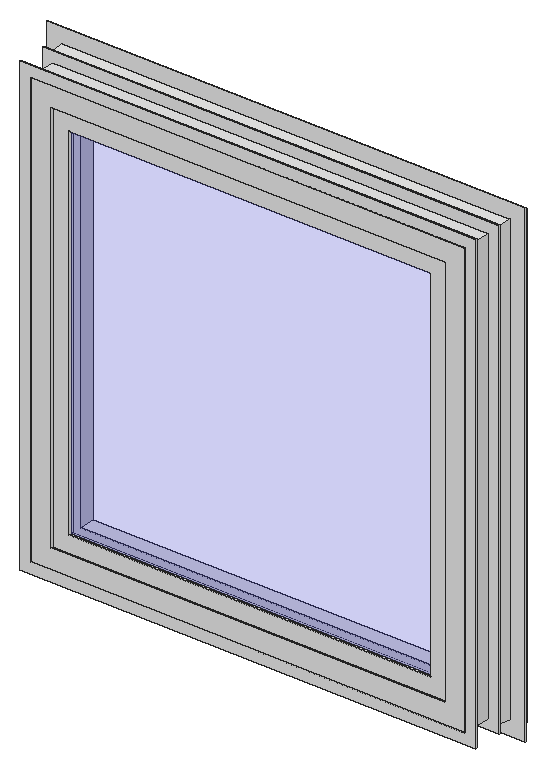
Revit family "Window-Awning-All_Weather-Series_6000", category Windows, host Wall, Revit 2026
Family settings
  Host = Wall
  Classification Number = 23.30.20.00
  Always vertical = Yes
  Cut with Voids When Loaded = No
  Shared = No
  Room Calculation Point = No
Parameters (values of type "Panning Frame Awning")
  Warranty = "https://www.allweatheraa.com/warranty/"
  Wall Thickness [instance] = 0' - 6"
  Vertical Mullions = if(Lites Wide < 3, 2, Lites Wide - 1)  # 2
  Vertical Grille Spacing = ((Horizontal Grille Length - (Grille Size * Vertical Mullions)) / (Vertical Mullions + 1)) + 0' 2 1/2"  # 0' - 10.83333"
  Vertical Grille Offset = Vertical Grille Spacing - (Grille Size / 2)  # 0' - 9.58333"
  Vertical Grille Length = Height - 0' 1 3/8" * 2 - 0' 3 1/4"  # 2' - 6"
  URL = "https://www.allweatheraa.com/"
  Type Comments = if(Nail On Frame, "Standard Nail On Frame", "Panning Frame")  # "Panning Frame"
  Traditional Grille Vertical Single = and(Lites Wide = 2, Grille)  # no
  Traditional Grille Vertical Array = and(Lites Wide > 2, Grille)  # no
  Traditional Grille Horizontal Single = and(Lites High = 2, Grille)  # no
  Traditional Grille Horizontal Array = and(Lites High > 2, Grille)  # no
  Thickness = if(Panning Frame, 0' 4 127/128", 0' 3 7/16")  # 0' - 4 127/128"
  Specification = "https://28a25771709x0a343azkftap-wpengine.netdna-ssl.com/wp-content/uploads/dlm_uploads/2017/04/All-Weather-Series-6000-3-Part-Spec..pdf"
  Rough Width = Width + 0' 0 3/4"  # 3' - 0 3/4"
  Rough Height = Height + 0' 0 3/4"  # 3' - 0 3/4"
  Requested Width = 3' - 0"
  Requested Height = 3' - 0"
  Product Page URL = "https://www.allweatheraa.com/windows/series-6000-windows/"
  Product Name = "Series 6000"  # constant formula
  Product Documentation Link = "https://28a25771709x0a343azkftap-wpengine.netdna-ssl.com/wp-content/uploads/dlm_uploads/2016/11/Series-6000-Brochure-Crop-Marks.pdf"
  Panning Frame = yes
  Operation = "Vent"
  Offset = 0' - 0"
  Nail On Frame = not(Panning Frame)  # no
  Nail Fin Offset = 0' - 1"  # constant formula
  Model = "Awning"  # constant formula
  Min Width = 1' - 2"  # constant formula
  Min Height = 1' - 2"  # constant formula
  Max Width = 6' - 0"  # constant formula
  Max Height = 3' - 0"  # constant formula
  Manufacturer = "All Weather Architectural Aluminum"  # constant formula
  Lites Wide = 2
  Lites High = 2
  Jamb Extensions Calc [instance] = if(Offset > 0' 0", Wall Thickness - (0' 3 7/16" - Nail Fin Offset) + Offset, Wall Thickness - (0' 3 7/16" - Nail Fin Offset) - Inset)  # 0' - 3 9/16"
  Jamb Extensions = no
  Jamb Extension Depth [instance] = if(Jamb Extensions Calc > 0' 0 1/8", Jamb Extensions Calc, 0' 0 1/8")  # 0' - 3 9/16"
  Jamb Ext Finish = Metal-Aluminum-All_Weather-Standard-White
  Inset = 0' - 0"
  Horizontal Mullions = if(Lites High < 3, 2, Lites High - 1)  # 2
  Horizontal Grille Spacing = ((Vertical Grille Length - (Grille Size * Horizontal Mullions)) / (Horizontal Mullions + 1)) + 0' 2 1/2"  # 0' - 10.83333"
  Horizontal Grille Offset = Horizontal Grille Spacing - (Grille Size / 2)  # 0' - 9.58333"
  Horizontal Grille Length = Width - 0' 1 3/8" * 2 - 0' 3 1/4"  # 2' - 6"
  Height = if(Requested Height > Max Height, Max Height, if(Requested Height < Min Height, Min Height, Requested Height))  # 3' - 0"
  Grille Size = 0' - 2 1/2"  # constant formula
  Grille = no
  Glass Thickness = 0' - 1"  # constant formula
  Glass = Glass-All_Weather-OA-Insulated_Glass
  Finish = Metal-Aluminum-All_Weather-Standard-White
  Description = "2 1/2 in Thermal Break Aluminum Windows"  # constant formula
  Default Sill Height = 3' - 0"
  Wall Closure = By host
  Width = if(Requested Width > Max Width, Max Width, if(Requested Width < Min Width, Min Width, Requested Width))  # 3' - 0"
  Assembly Code = "B2020100"
  Analytic Construction = "<None>"
Reference planes (in)
  plane 1 "Center (Front/Back)": y = 0
  plane 2: z = 0
  plane 3 "Center (Left/Right)": x = 0
  plane 4 "Left": x = -18
  plane 5 "Right": x = 18
  plane 6 "Sill": z = 36
  plane 7 "Top": z = 72
  plane 8 "Inset": y = 3
  plane 9 "Nail Fin": y = 3
  plane 10 "Front": y = 5.55469
  plane 11 "Back": y = 0.5625
  plane 12 "Jamb Ext": y = 0.5625
  plane 13 "Glass Front": y = 1.97592
  plane 14 "Glass Back": y = 0.97592
  plane 15 "Glass Left": x = -15.5625
  plane 16 "Inside Left": x = -15.01953
  plane 17 "Glass Right": x = 15.5625
  plane 18 "Inside Right": x = 15.01953
  plane 19 "Glass Bottom": z = 38.4375
  plane 20 "Inside Bottom": z = 39
  plane 21 "Glass Top": z = 69.5625
  plane 22 "Inside Top": z = 69
  plane 23 "Center (Elevation)": z = 54
  plane 24: y = 3.16273
Forms (in)
  Sweep 1, solid, material "Metal-Aluminum-All_Weather-Standard-White" <- "Jamb Ext Finish", visible <- "Jamb Extensions"
    path origin (0, 0.5625, 0) x (-1, 0, 0) y (0, 0, 1)
      loop
        line (-18, 36) -> (18, 36) -> (18, 72) -> (-18, 72) -> (-18, 36)
    profile origin (0, 0.5625, 36) x (0, 0, 1) y (0, 1, 0)
      loop
        line (0, 0) -> (0, -3.5625) -> (0.625, -3.5625) -> (0.625, 0) -> (0, 0)
  Extrusion 2, solid, material "Glass-All_Weather-OA-Insulated_Glass" <- "Glass"
    sketch origin (0, 0, 36) x (0, -1, 0) y (1, 0, 0)
      loop
        line (-0.97592, -15.5625) -> (-0.97592, 15.5625) -> (-1.97592, 15.5625) -> (-1.97592, -15.5625) -> (-0.97592, -15.5625)
    from 2.4375 to 33.5625
  Sweep 3, solid, material "Metal-Aluminum-All_Weather-Standard-White" <- "Finish", detail levels medium+fine
    path origin (0, 1.97592, 0) x (-1, 0, 0) y (0, 0, 1)
      loop
        line (18, 36) -> (18, 72) -> (-18, 72) -> (-18, 36) -> (18, 36)
    profile origin (0, 1.97592, 36) x (0, 0, -1) y (0, 1, 0)
      loop
        line (0, 1.08558) -> (-0.50256, 1.08558) -> (-0.50256, 1.30824) -> (-3, 1.30824) -> (-3, 0) -> (-2.12756, 0) -> (-2.12756, -1.06426) -> (-3, -1.06426) -> (-3, -1.19176) -> (-1.62109, -1.19176) -> (-1.62109, -1.41342) -> (0, -1.41342) -> (0, 1.08558)
  Extrusion 4, solid, material "Metal-Aluminum-All_Weather-Standard-White" <- "Finish", detail levels coarse
    sketch origin (0, 3, 0) x (-1, 0, 0) y (0, 0, 1)
      loop
        line (-19.125, 73.125) -> (-19.125, 34.875) -> (19.125, 34.875) -> (19.125, 73.125) -> (-19.125, 73.125)
      loop
        line (-15.01953, 69) -> (-15.01953, 39) -> (15.01953, 39) -> (15.01953, 69) -> (-15.01953, 69)
    from -2.4375 to 2.55469
  Sweep 5, solid, material "Metal-Aluminum-All_Weather-Standard-White" <- "Finish", visible <- "Nail On Frame", detail levels fine
    path origin (0, 1.97592, 0) x (-1, 0, 0) y (0, 0, 1)
      loop
        line (18, 36) -> (18, 72) -> (-18, 72) -> (-18, 36) -> (18, 36)
    profile origin (0, 1.97592, 36) x (0, 0, -1) y (0, 1, 0)
      loop
        line (0.23988, 1.08558) -> (0.23988, 2.02329) -> (-0.07262, 2.02329) -> (-0.16012, 1.02308) -> (1.125, 1.02308) -> (1.125, 1.08558) -> (0.23988, 1.08558)
  Sweep 6, solid, material "Metal-Aluminum-All_Weather-Standard-White" <- "Finish", visible <- "Panning Frame", detail levels fine
    path origin (0, 1.97592, 0) x (-1, 0, 0) y (0, 0, 1)
      loop
        line (18, 36) -> (18, 72) -> (-18, 72) -> (-18, 36) -> (18, 36)
    profile origin (0, 1.97592, 36) x (0, 0, -1) y (0, 1, 0)
      loop
        line (0.58285, 3.58051) -> (0.3642, 1.08142) -> (-0.09265, 1.08142) -> (-0.09265, 0.95301) -> (0.87244, 0.95301) -> (0.87244, 1.08051) -> (0.44436, 1.08051) -> (0.57017, 2.51851) -> (1.81985, 2.51851) -> (1.81985, 2.58051) -> (0.57559, 2.58051) -> (0.65766, 3.51851) -> (1.06985, 3.51851) -> (1.06985, 3.58051) -> (0.58285, 3.58051)
      loop
        line (0.87244, -1.41858) -> (0.87244, -1.29024) -> (0, -1.29024) -> (0, -1.41858) -> (0.87244, -1.41858)
Lines and regions (in)
  Opening 1
    outline origin (-60, -3, 0) x (1, 0, 0) y (0, 0, 1)
      loop
        line (42, 72) -> (42, 36) -> (78, 36) -> (78, 72) -> (42, 72)
  Masking region 1, visible <- "Jamb Extensions"
    outline origin (0, 0, 36) x (0, -1, 0) y (1, 0, 0)
      loop
        line (-0.5625, -18) -> (3, -18) -> (3, -17.375) -> (-0.5625, -17.375) -> (-0.5625, -18)
      loop
        line (-0.5625, 18) -> (-0.5625, 17.375) -> (3, 17.375) -> (3, 18) -> (-0.5625, 18)
  Masking region 2, visible <- "Jamb Extensions"
    outline origin (0, 0, 0) x (0, 1, 0) y (0, 0, 1)
      loop
        line (-3, 72) -> (-3, 71.375) -> (0.5625, 71.375) -> (0.5625, 72) -> (-3, 72)
      loop
        line (-3, 36) -> (0.5625, 36) -> (0.5625, 36.625) -> (-3, 36.625) -> (-3, 36)
  Masking region 3, detail levels coarse
    outline origin (0, 0, 36) x (0, -1, 0) y (1, 0, 0)
      loop
        line (-0.97592, -15) -> (-0.97592, 15) -> (-1.97592, 15) -> (-1.97592, -15) -> (-0.97592, -15)
  Masking region 4, detail levels medium+fine
    outline origin (0, 0, 36) x (0, -1, 0) y (1, 0, 0)
      loop
        line (-1.97492, -15.5625) -> (-1.79608, -15.5625) -> (-1.79608, 15.5625) -> (-1.97492, 15.5625) -> (-1.97492, -15.5625)
      loop
        line (-1.15376, -15.5625) -> (-0.97492, -15.5625) -> (-0.97492, 15.5625) -> (-1.15376, 15.5625) -> (-1.15376, -15.5625)
  Masking region 5, detail levels coarse
    outline origin (0, 0, 0) x (0, 1, 0) y (0, 0, 1)
      loop
        line (1.97592, 69) -> (0.97592, 69) -> (0.97592, 39) -> (1.97592, 39) -> (1.97592, 69)
  Masking region 6, detail levels medium+fine
    outline origin (0, 0, 0) x (0, 1, 0) y (0, 0, 1)
      loop
        line (1.97416, 69.5625) -> (1.79532, 69.5625) -> (1.79532, 38.4375) -> (1.97416, 38.4375) -> (1.97416, 69.5625)
      loop
        line (1.153, 69.5625) -> (0.97416, 69.5625) -> (0.97416, 38.4375) -> (1.153, 38.4375) -> (1.153, 69.5625)
  symbolic lines, style "Elevation Swing"
    curve 1: line (18, 3, 36) -> (0, 3, 72)
    curve 2: line (0, 3, 72) -> (-18, 3, 36)
Text (in)
  text "EXTERIOR" at (-58.6888, 50.90694, 0), in view "Ref. Level"
  text "INTERIOR" at (-58.6888, -37.76638, 0), in view "Ref. Level"
  text "Exterior" at (0, 43.65631, 123.19604), in view "Left"
  text "Exterior" at (0, 18.29385, 125.04747), in view "Right"
Dimensions and locks (in)
  equal spacing: plane 4 "Left", plane 3 "Center (Left/Right)", plane 5 "Right"
  "Width": plane 4 "Left" to plane 5 "Right"
  "Height": plane 6 "Sill" to plane 7 "Top"
  "Default Sill Height": plane 2 to plane 6 "Sill"
  "Thickness": plane 10 "Front" to plane 11 "Back"
  "Inset": host wall to plane 8 "Inset"
  "Offset": plane 9 "Nail Fin" to plane 8 "Inset"
  "Wall Thickness": host wall to host wall
  locked: plane 4 "Left" to plane 16 "Inside Left" at 2.98047
  locked: plane 18 "Inside Right" to plane 5 "Right" at 2.98047
  plane 6 "Sill" to plane 19 "Glass Bottom" to plane 20 "Inside Bottom" = 0' - 2 7/16" locked, 0' - 0 9/16" locked
  plane 22 "Inside Top" to plane 21 "Glass Top" to plane 7 "Top" = 0' - 0 9/16" locked, 0' - 2 7/16" locked
  equal spacing: plane 6 "Sill", plane 23 "Center (Elevation)", plane 7 "Top"
  "Jamb Extension Depth": host wall to plane 12 "Jamb Ext"
  locked: plane 4 "Left" to Masking region 1 sketch curve at 0.625
  locked: Masking region 1 sketch curve to plane 5 "Right" at 0.625
  locked: Masking region 2 sketch curve to plane 7 "Top" at 0.625
  locked: plane 6 "Sill" to Masking region 2 sketch curve at 0.625
  locked: plane 6 "Sill" to Sweep 1 sketch curve at 0.625
  "Glass Thickness": plane 13 "Glass Front" to plane 14 "Glass Back"
  locked: plane 15 "Glass Left" to plane 16 "Inside Left" at 0.54297
  locked: plane 18 "Inside Right" to plane 17 "Glass Right" at 0.54297
  Masking region 4 sketch curve to plane 14 "Glass Back" to Masking region 4 sketch curve = 0' - 0.17784" locked, 0' - 0.001" locked
  plane 13 "Glass Front" to Masking region 4 sketch curve to Masking region 4 sketch curve = 0' - 0.001" locked, 0' - 0.17884" locked
  plane 13 "Glass Front" to Masking region 6 sketch curve to Masking region 6 sketch curve = 0' - 0.00176" locked, 0' - 0.17884" locked
  Masking region 6 sketch curve to plane 14 "Glass Back" to Masking region 6 sketch curve = 0' - 0.17708" locked, 0' - 0.00176" locked
  "Horizontal Grille Offset": plane 20 "Inside Bottom" to nested 4
  group 1 to group 2 = 0' - 0"
  group 2 to group 1 = 0' - 0"
  group 1 to group 2 = 0' - 10.83333"
  "Horizontal Grille Spacing": nested 4 to nested 6
  group 3 to group 4 = 0' - 10.83333"
  group 3 to group 4 = 0' - 0"
  group 4 to group 3 = 0' - 0"
  "Vertical Grille Offset": nested 5 to plane 16 "Inside Left"
  "Vertical Grille Spacing": nested 5 to nested 7
  plane 9 "Nail Fin" to nested 7 to nested 1 to nested 5 = 0' - 0.28452" locked, 0' - 0" locked, 0' - 0" locked
  locked: plane 13 "Glass Front" to plane 9 "Nail Fin" at 1.02408
  plane 13 "Glass Front" to nested 3 to nested 9 = 0' - 3.57877", 0' - 0" locked
  locked: plane 5 "Right" to nested 9 at 1.125
  locked: nested 3 to plane 4 "Left" at 1.125
  locked: plane 6 "Sill" to nested 14 at 1.125
  locked: nested 13 to plane 7 "Top" at 1.125
  locked: Extrusion 4 sketch curve to plane 6 "Sill" at 1.125
  locked: Extrusion 4 sketch curve to plane 4 "Left" at 1.125
  locked: plane 7 "Top" to Extrusion 4 sketch curve at 1.125
  locked: plane 5 "Right" to Extrusion 4 sketch curve at 1.125
  Extrusion 4 to nested 7 = 0' - 0"
  nested 13 to plane 10 "Front" = 0' - 0"
  locked: nested 10 to plane 9 "Nail Fin" at 0.28572
  locked: nested 11 to plane 9 "Nail Fin" at 0.28572
  locked: nested 12 to plane 9 "Nail Fin" at 0.28572
  nested 14 to plane 10 "Front" = 0' - 0"
  Sweep 3 sketch curve to Sweep 3 sketch curve to Sweep 3 sketch curve to Sweep 3 sketch curve to Sweep 3 sketch curve = 0' - 1.30824" locked, 0' - 1.06426" locked, 0' - 0.1275" locked, 0' - 0.22166" locked
  Sweep 3 sketch curve to profile plane to Sweep 3 sketch curve to Sweep 3 sketch curve to Sweep 3 sketch curve to Sweep 3 sketch curve to Sweep 3 sketch curve = 0' - 0" locked, 0' - 0.50256" locked, 0' - 1.11853" locked, 0' - 0.50647" locked, 0' - 0.87244" locked, 0' - 0" locked
  Sweep 5 sketch curve to Sweep 5 sketch curve to Sweep 5 sketch curve = 0' - 0.93771" locked, 0' - 0 1/16" locked
  Sweep 5 sketch curve to Sweep 5 sketch curve to profile plane to Sweep 5 sketch curve = 0' - 0.88512" locked, 0' - 0.23988" locked, 0' - 0.07262" locked
  locked: Masking region 3 sketch curve to plane 18 "Inside Right" at 0.01953
  locked: plane 16 "Inside Left" to Masking region 3 sketch curve at 0.01953
  plane 10 "Front" to plane 9 "Nail Fin" = 0' - 2 71/128"
  plane 10 "Front" to plane 13 "Glass Front" = 0' - 3.57877"
  locked: nested 2 to plane 9 "Nail Fin" at 0.28452
  Sweep 6 sketch curve to profile plane to Sweep 6 sketch curve to Sweep 6 sketch curve to Sweep 6 sketch curve to Sweep 6 sketch curve to Sweep 6 sketch curve to Sweep 6 sketch curve to Sweep 6 sketch curve to Sweep 6 sketch curve to Sweep 6 sketch curve = 0' - 0.09265" locked, 0' - 0.3642" locked, 0' - 0.08016" locked, 0' - 0.12581" locked, 0' - 0.00542" locked, 0' - 0.00725" locked, 0' - 0.07481" locked, 0' - 0.21478" locked, 0' - 0.19741" locked, 0' - 0 3/4" locked
  Sweep 6 sketch curve to Sweep 6 sketch curve to Sweep 6 sketch curve to Sweep 6 sketch curve to Sweep 6 sketch curve to Sweep 6 sketch curve to Sweep 6 sketch curve to profile plane = 0' - 0.062" locked, 0' - 0.938" locked, 0' - 0.062" locked, 0' - 1.43709" locked, 0' - 0.00091" locked, 0' - 0.1275" locked, 0' - 0.95301" locked
  nested 2 to plane 14 "Glass Back" = 0' - 2 79/256"
  locked: plane 9 "Nail Fin" to plane 11 "Back" at 2.4375
  profile plane to Sweep 6 sketch curve to Sweep 6 sketch curve = 0' - 1.29024" locked, 0' - 0.12833" locked
  profile plane to Sweep 6 sketch curve to Sweep 6 sketch curve = 0' - 0" locked, 0' - 0.87244" locked
  aligned and locked: plane 7 "Top" to Opening 1 sketch curve
  aligned and locked: plane 6 "Sill" to Opening 1 sketch curve  (x2)
  aligned and locked: plane 5 "Right" to Opening 1 sketch curve
  aligned and locked: plane 4 "Left" to Opening 1 sketch curve
  aligned and locked: level to plane 2
  aligned and locked: Masking region 1 sketch curve to host wall
  aligned and locked: Masking region 1 sketch curve to plane 4 "Left"
  aligned and locked: Masking region 1 sketch curve to plane 12 "Jamb Ext"
  aligned and locked: host wall to Masking region 1 sketch curve
  aligned and locked: Masking region 1 sketch curve to plane 5 "Right"
  aligned and locked: plane 12 "Jamb Ext" to Masking region 1 sketch curve
  aligned and locked: plane 7 "Top" to Masking region 2 sketch curve
  aligned and locked: Masking region 2 sketch curve to host wall
  aligned and locked: Masking region 2 sketch curve to plane 12 "Jamb Ext"
  aligned and locked: plane 6 "Sill" to Masking region 2 sketch curve
  aligned and locked: host wall to Masking region 2 sketch curve
  aligned and locked: plane 12 "Jamb Ext" to Masking region 2 sketch curve
  aligned and locked: Sweep 1 sketch curve to plane 7 "Top"
  aligned and locked: plane 4 "Left" to Sweep 1 sketch curve
  aligned and locked: Sweep 1 sketch curve to plane 5 "Right"
  aligned and locked: plane 6 "Sill" to Sweep 1 sketch curve  (x2)
  aligned and locked: host wall to Sweep 1 sketch curve
  aligned and locked: plane 12 "Jamb Ext" to Sweep 1 sketch curve
  aligned and locked: plane 17 "Glass Right" to Extrusion 2 sketch curve
  aligned and locked: Extrusion 2 sketch curve to plane 15 "Glass Left"
  aligned and locked: Extrusion 2 to plane 19 "Glass Bottom"
  aligned and locked: plane 21 "Glass Top" to Extrusion 2
  aligned and locked: Masking region 3 sketch curve to plane 14 "Glass Back"
  aligned and locked: plane 13 "Glass Front" to Masking region 3 sketch curve
  aligned and locked: plane 15 "Glass Left" to Masking region 4 sketch curve  (x2)
  aligned and locked: Masking region 4 sketch curve to plane 17 "Glass Right"  (x2)
  aligned and locked: Masking region 5 sketch curve to plane 14 "Glass Back"
  aligned and locked: plane 13 "Glass Front" to Masking region 5 sketch curve
  aligned and locked: Masking region 6 sketch curve to plane 19 "Glass Bottom"  (x2)
  aligned and locked: plane 21 "Glass Top" to Masking region 6 sketch curve  (x2)
  aligned and locked: plane 17 "Glass Right" to Extrusion 2
  aligned and locked: plane 23 "Center (Elevation)" to nested 1
  aligned and locked: Sweep 3 sketch curve to plane 7 "Top"
  aligned and locked: Sweep 3 sketch curve to plane 5 "Right"
  aligned and locked: Sweep 3 sketch curve to plane 6 "Sill"
  aligned and locked: plane 4 "Left" to Sweep 3 sketch curve
  aligned and locked: plane 3 "Center (Left/Right)" to nested 2
  aligned and locked: nested 8 to nested 1  (x2)
  aligned and locked: nested 10 to nested 6  (x2)
  aligned and locked: nested 12 to nested 4  (x2)
  aligned and locked: plane 10 "Front" to Extrusion 4
  aligned and locked: Extrusion 4 sketch curve to plane 18 "Inside Right"
  aligned and locked: Extrusion 4 sketch curve to plane 22 "Inside Top"
  aligned and locked: plane 16 "Inside Left" to Extrusion 4 sketch curve
  aligned and locked: plane 20 "Inside Bottom" to Extrusion 4 sketch curve
  aligned and locked: Extrusion 4 to plane 11 "Back"
  aligned and locked: nested 7 to plane 23 "Center (Elevation)"
  aligned and locked: nested 5 to plane 23 "Center (Elevation)"
  aligned and locked: nested 2 to plane 23 "Center (Elevation)"
  aligned and locked: nested 11 to nested 2
  aligned and locked: plane 13 "Glass Front" to Extrusion 2 sketch curve
  aligned and locked: Extrusion 2 sketch curve to plane 14 "Glass Back"
  aligned and locked: Masking region 5 sketch curve to plane 22 "Inside Top"
  aligned and locked: plane 20 "Inside Bottom" to Masking region 5 sketch curve
  aligned and locked: plane 6 "Sill" to curve 2
  aligned and locked: plane 4 "Left" to curve 2
  aligned and locked: plane 5 "Right" to curve 1
  aligned and locked: plane 6 "Sill" to curve 1
  aligned and locked: plane 3 "Center (Left/Right)" to curve 1
  aligned and locked: plane 7 "Top" to curve 1
  aligned and locked: Sweep 5 sketch curve to plane 5 "Right"
  aligned and locked: Sweep 5 sketch curve to plane 7 "Top"
  aligned and locked: plane 4 "Left" to Sweep 5 sketch curve
  aligned and locked: Sweep 5 sketch curve to plane 6 "Sill"
  aligned and locked: plane 4 "Left" to Sweep 6 sketch curve
  aligned and locked: Sweep 6 sketch curve to plane 7 "Top"
  aligned and locked: Sweep 6 sketch curve to plane 5 "Right"
  aligned and locked: Sweep 6 sketch curve to plane 6 "Sill"
  aligned and locked: plane 14 "Glass Back" to nested 5
  aligned and locked: nested 1 to plane 3 "Center (Left/Right)"
  aligned and locked: nested 9 to plane 11 "Back"
  aligned and locked: nested 14 to plane 11 "Back"
  aligned and locked: plane 11 "Back" to nested 13
Automatic sketch dimensions
  Sweep 3 sketch curve to plane 13 "Glass Front" = 0' - 0"
  Sweep 3 sketch curve to Sweep 3 sketch curve = 0' - 0 57/256"
  profile plane to Sweep 5 sketch curve = 0' - 1.02308"
  profile plane to Sweep 5 sketch curve = 0' - 0.16012"
Nested families (in)
  nested 1: "Nested-Mullion-All_Weather" at (0, 2.15952, 39), visible <- "Traditional Grille Vertical Single", type "Vertical Mullion"
  nested 2: "Nested-Mullion-All_Weather" at (0, 2.15952, 52.75), visible <- "Traditional Grille Horizontal Single", type "Horizontal Mullion"
  nested 3: "Detail-All_Weather-Series_6000-Awning" at (-17.5, 2.74219, 36) x (0, -1, 0) z (0, 0, 1), type "Awning"
    with Thickness 0' - 4 127/128", Panning yes, Nail on no, Height 0' - 4 105/128"
  nested 4: "Nested-Mullion-All_Weather" at (0, 2.16072, 47.33333), visible <- "Traditional Grille Horizontal Array", type "Horizontal Mullion"
  nested 5: "Nested-Mullion-All_Weather" at (-5.4362, 2.15952, 39), visible <- "Traditional Grille Vertical Array", type "Vertical Mullion"
  nested 6: "Nested-Mullion-All_Weather" at (0, 2.16072, 58.16667), visible <- "Traditional Grille Horizontal Array", type "Horizontal Mullion"
  nested 7: "Nested-Mullion-All_Weather" at (5.39714, 2.15952, 39), visible <- "Traditional Grille Vertical Array", type "Vertical Mullion"
  nested 8: "Detail-All_Weather-TDL-Series_6000" at (1.25, 2.776, 36) x (0, -1, 0) z (0, 0, -1), visible <- "Traditional Grille Vertical Single", type "Mullion"
    with Glass no
  nested 9: "Detail-All_Weather-Series_6000-Awning" at (17.5, 2.74219, 36) x (0, -1, 0) z (0, 0, 1), type "Awning"
    with Thickness 0' - 4 127/128", Panning yes, Nail on no, Height 0' - 4 105/128"
  nested 10: "Detail-All_Weather-TDL-Series_6000" at (0, 2.77721, 60.66667) x (0, -1, 0) z (1, 0, 0), visible <- "Traditional Grille Horizontal Array", type "Mullion"
    with Glass no
  nested 11: "Detail-All_Weather-TDL-Series_6000" at (0, 2.77721, 55.25) x (0, -1, 0) z (1, 0, 0), visible <- "Traditional Grille Horizontal Single", type "Mullion"
    with Glass no
  nested 12: "Detail-All_Weather-TDL-Series_6000" at (0, 2.77721, 49.83333) x (0, -1, 0) z (1, 0, 0), visible <- "Traditional Grille Horizontal Array", type "Mullion"
    with Glass no
  nested 13: "Detail-All_Weather-Series_6000-Awning" at (0, 2.74219, 71.5) x (0, -1, 0) z (1, 0, 0), type "Awning"
    with Thickness 0' - 4 127/128", Panning yes, Nail on no, Height 0' - 4 105/128"
  nested 14: "Detail-All_Weather-Series_6000-Awning" at (0, 2.74219, 36.5) x (0, -1, 0) z (1, 0, 0), type "Awning"
    with Thickness 0' - 4 127/128", Panning yes, Nail on no, Height 0' - 4 105/128"
  nested 15: "Detail-All_Weather-TDL-Series_6000" at (-4.1862, 2.776, 36.875) x (0, -1, 0) z (0, 0, -1), visible <- "Traditional Grille Vertical Array", type "Mullion"
    with Glass no
  nested 16: "Detail-All_Weather-TDL-Series_6000" at (6.64714, 2.776, 36.875) x (0, -1, 0) z (0, 0, -1), visible <- "Traditional Grille Vertical Array", type "Mullion"
    with Glass no
Definition of nested family "Nested-Mullion-All_Weather"
  Parameters (values of type "Horizontal Mullion")
    Width = 2' - 6"
    Vertical = no
    URL = "http://www.pella.com/"
    Type Comments = "Mullion"  # constant formula
    Model = "Mullion for All Weather Models"  # constant formula
    Manufacturer = "All Weather Architectural Aluminum "  # constant formula
    Horizontal = yes
    Height = 0' - 2 1/2"
    Glass Thickness = 0' - 1"  # constant formula
    Finish = none
    Description = "For use with All Weather Models Only"  # constant formula
    Depth = 0' - 2 1/2"  # constant formula
    Default Elevation = 4' - 0"
  Types (2): name | Width | Vertical | Horizontal | Height
    Horizontal Mullion | 2' - 6" | no | yes | 0' - 2 1/2"
    Vertical Mullion | 0' - 2 1/2" | yes | no | 2' - 6"
  Reference planes (in)
    plane 1 "Center (Front/Back)": y = 0
    plane 2 "Bottom": z = 0
    plane 3 "Center (Left/Right)": x = 0
    plane 4 "Left": x = -15
    plane 5 "Right": x = 15
    plane 6 "Front": y = -1.125
    plane 7 "Back": y = 1.375
    plane 8 "Top": z = 2.5
    plane 9 "Glass Back": y = 1.18359
    plane 10 "Glass Front": y = 0.18359
    plane 11 "Center (Elevation)": z = 1.25
  Forms (in)
    Extrusion 1, solid, material <- "Finish", visible <- "Vertical", detail levels medium+fine
      sketch origin (15.375, 0, 0) x (1, 0, 0) y (0, 1, 0)
        loop
          line (-15.0625, 0.18359) -> (-15.0625, 1.18359) -> (-14.125, 1.18359) -> (-14.125, 1.3757) -> (-16.625, 1.3757) -> (-16.625, 1.18359) -> (-15.6875, 1.18359) -> (-15.6875, 0.15461) -> (-16.625, 0.15461) -> (-16.625, -1.125) -> (-14.125, -1.125) -> (-14.125, 0.18359) -> (-15.0625, 0.18359)
      from 0 to 2.5
    Extrusion 2, solid, material <- "Finish", visible <- "Horizontal", detail levels medium+fine
      sketch origin (0, 0, 6.42023) x (0, 1, 0) y (0, 0, 1)
        loop
          line (0.18359, -4.85773) -> (0.18359, -3.92023) -> (-1.125, -3.92023) -> (-1.125, -6.42023) -> (0.18359, -6.42023) -> (0.18359, -5.48273) -> (1.18359, -5.48273) -> (1.18359, -6.42023) -> (1.3757, -6.42023) -> (1.3757, -3.92023) -> (1.18359, -3.92023) -> (1.18359, -4.85773) -> (0.18359, -4.85773)
      from -15 to 15
    Extrusion 3, solid, material <- "Finish", detail levels coarse
      sketch origin (0, 0, 0) x (1, 0, 0) y (0, 1, 0)
        loop
          line (-15, 1.3757) -> (-15, -1.125) -> (15, -1.125) -> (15, 1.3757) -> (-15, 1.3757)
      from 0 to 2.5
    Extrusion 4, solid, material <- "Finish", detail levels coarse
      sketch origin (0, 0, 0) x (0, 1, 0) y (0, 0, 1)
        loop
          line (-1.125, 2.5) -> (-1.125, 0) -> (1.375, 0) -> (1.375, 2.5) -> (-1.125, 2.5)
      from -15 to 15
  Dimensions and locks (in)
    equal spacing: plane 4 "Left", plane 3 "Center (Left/Right)", plane 5 "Right"
    "Width": plane 4 "Left" to plane 5 "Right"
    "Height": plane 8 "Top" to level
    "Glass Thickness": plane 10 "Glass Front" to plane 9 "Glass Back" to plane 7 "Back"
    "Depth": plane 7 "Back" to plane 6 "Front"
    equal spacing: plane 8 "Top", plane 11 "Center (Elevation)", level
    Extrusion 1 sketch curve to Extrusion 1 sketch curve to Extrusion 1 sketch curve to plane 3 "Center (Left/Right)" to Extrusion 1 sketch curve to Extrusion 1 sketch curve to Extrusion 1 sketch curve = 0' - 0" locked, 0' - 0 15/16" locked, 0' - 0 5/16" locked, 0' - 0 5/16" locked, 0' - 0 15/16" locked, 0' - 0" locked
    Extrusion 1 sketch curve to Extrusion 1 sketch curve to Extrusion 1 sketch curve to Extrusion 1 sketch curve to Extrusion 1 sketch curve = 0' - 1.27961" locked, 0' - 1.02898" locked, 0' - 0" locked, 0' - 0.19211" locked
    Extrusion 2 sketch curve to plane 7 "Back" to Extrusion 2 sketch curve to Extrusion 2 sketch curve to Extrusion 2 sketch curve to Extrusion 2 sketch curve to Extrusion 2 sketch curve = 0' - 0.0007" locked, 0' - 0 49/256" locked, 0' - 0" locked, 0' - 1" locked, 0' - 0" locked, 0' - 1 79/256" locked
    Extrusion 2 sketch curve to plane 11 "Center (Elevation)" to Extrusion 2 sketch curve = 0' - 0 5/16" locked, 0' - 0 5/16" locked
    aligned and locked: plane 2 "Bottom" to level
    aligned and locked: plane 8 "Top" to Extrusion 1
    aligned and locked: plane 4 "Left" to Extrusion 2
    aligned and locked: plane 5 "Right" to Extrusion 2
    aligned and locked: plane 8 "Top" to Extrusion 3
    aligned and locked: Extrusion 3 to level
    aligned and locked: plane 5 "Right" to Extrusion 4
    aligned and locked: plane 4 "Left" to Extrusion 4
    aligned and locked: plane 8 "Top" to Extrusion 4 sketch curve
    aligned and locked: Extrusion 4 sketch curve to level
    aligned and locked: Extrusion 4 sketch curve to plane 6 "Front"
    aligned and locked: plane 7 "Back" to Extrusion 4 sketch curve
    aligned and locked: level to Extrusion 2 sketch curve
    aligned and locked: Extrusion 2 sketch curve to level
    aligned and locked: plane 8 "Top" to Extrusion 2 sketch curve  (x2)
  Automatic sketch dimensions
    Extrusion 1 sketch curve to plane 6 "Front" = 0' - 0"
    plane 10 "Glass Front" to Extrusion 1 sketch curve = 0' - 0"
    Extrusion 3 sketch curve to plane 6 "Front" = 0' - 0"
    Extrusion 3 sketch curve to plane 4 "Left" = 0' - 0"
    Extrusion 3 sketch curve to plane 5 "Right" = 0' - 0"
    plane 7 "Back" to Extrusion 3 sketch curve = 0' - 0.0007"
Definition of nested family "Detail-All_Weather-Series_6000-Awning"
  Parameters (values of type "Awning")
    URL = "https://www.allweatheraa.com/"
    Type Comments = if(Panning, "Panning Frame", "Standard Nail On")  # "Standard Nail On"
    Thickness = if(Panning, 0' 4 127/128", 0' 3 7/16")  # 0' - 3 7/16"
    Specification = "https://www.allweatheraa.com/download/3645"
    Product Page URL = "https://www.allweatheraa.com/windows/series-6000-windows/"
    Product Name = "Series 6000"  # constant formula
    Product Documentation Link = "https://www.allweatheraa.com/download/3400"
    Panning = no
    Nail on = yes
    Model = "Awning"  # constant formula
    Manufacturer = "All Weather Architectural Aluminum"  # constant formula
    Height = if(Panning, 0' 4 105/128", 0' 4 1/8")  # 0' - 4 1/8"
    Glass Thickness = 0' - 1"  # constant formula
    Glass = no
    Description = "2 1/2 in Thermal Break Aluminum Windows"  # constant formula
    Assembly Code = "B2020100"
  Reference planes (in)
    plane 1 "Center (Front/Back)": y = -1.625
    plane 2: z = 0
    plane 3 "Center (Left/Right)": x = 0
    plane 4 "Glass Intersection": y = 1.8275
    plane 5 "Top": y = 2.5
    plane 6 "Front": x = -1.25781
    plane 7 "Back": x = 2.17969
    plane 8 "Glass Front": x = 0.77219
    plane 9 "Glass Back": x = 1.77219
    plane 10: x = -1.03516
    plane 11 "Nail Fin": x = -0.31516
    plane 12 "Bottom of Frame": y = -0.50134
    plane 13 "Bottom": y = -1.625
  Lines and regions (in)
    Masking region 1, in view "Ref. Level", visible <- "Glass", detail levels medium+fine
      outline origin (-0.2175, 0, 0) x (1, 0, 0) y (0, 1, 0)
        loop
          line (0.98969, 3) -> (0.98969, 1.9375) -> (1.16853, 1.9375) -> (1.16853, 3) -> (0.98969, 3)
        loop
          line (1.98969, 3) -> (1.81085, 3) -> (1.81085, 1.9375) -> (1.98969, 1.9375) -> (1.98969, 3)
    Filled region 1, type "Spacer - All Weather", in view "Ref. Level", detail levels fine
      outline origin (-0.2175, 0, 0) x (1, 0, 0) y (0, 1, 0)
        loop
          line (1.98969, 2.48256) -> (1.98969, 1.98256) -> (2.05219, 1.98256) -> (2.05219, 2.48256) -> (1.98969, 2.48256)
        loop
          line (0.81437, 2.15847) -> (0.98989, 2.15847) -> (0.98989, 2.66966) -> (0.71401, 2.66966) -> (0.71401, 2.5) -> (0.8046, 2.5) -> (0.8046, 2.4375) -> (0.7396, 2.4375) -> (0.81437, 2.15847)
    Masking region 2, in view "Ref. Level", detail levels fine
      outline origin (-0.2175, 0, 0) x (1, 0, 0) y (0, 1, 0)
        loop
          line (1.16853, 1.95572) -> (1.81253, 1.95572) -> (1.81253, 2.1811) -> (1.78047, 2.1811) -> (1.78047, 1.9861) -> (1.20058, 1.9861) -> (1.20058, 2.1811) -> (1.16853, 2.1811) -> (1.16853, 1.95572)
    Masking region 3, in view "Ref. Level", detail levels medium+fine
      outline origin (-0.2175, 0, 0) x (1, 0, 0) y (0, 1, 0)
        loop
          line (1.20058, 2.2971) -> (1.20058, 1.9861) -> (1.78047, 1.9861) -> (1.78047, 2.2971) -> (1.20058, 2.2971)
        loop
          line (1.76647, 2.2831) -> (1.21458, 2.2831) -> (1.21458, 2.0001) -> (1.76647, 2.0001) -> (1.76647, 2.2831)
    Masking region 4, in view "Ref. Level", visible <- "Nail on", detail levels coarse
      outline origin (-0.2175, 0, 0) x (1, 0, 0) y (0, 1, 0)
        loop
          line (-1.03537, 2.5) -> (-1.03537, -1.625) -> (-0.03516, -1.625) -> (-0.03516, -0.50134) -> (2.40234, -0.50134) -> (2.40234, 2.5) -> (-1.03537, 2.5)
    Masking region 5, in view "Ref. Level", detail levels medium+fine
      outline origin (-0.2175, 0, 0) x (1, 0, 0) y (0, 1, 0)
        loop
          arc (0.76227, 1.82942) -> (0.79293, 1.85242) -> (0.80459, 1.88893) r 0.06299
          line (0.80459, 1.88893) -> (0.80459, 2.19495) -> (0.7396, 2.4375) -> (0.8046, 2.4375) -> (0.8046, 2.469)
          arc (0.8046, 2.469) -> (0.79552, 2.49092) -> (0.7736, 2.5) r 0.031
          line (0.7736, 2.5) -> (-0.32031, 2.5) -> (-0.32031, 1.62756) -> (-0.2868, 1.62756) -> (-0.17422, 1.64557) -> (-0.17422, 1.59045) -> (-0.21003, 1.56977)
          arc (-0.21003, 1.56977) -> (-0.21558, 1.55636) -> (-0.20406, 1.54752) r 0.01193
          line (-0.20406, 1.54752) -> (-0.16187, 1.54752) -> (-0.14401, 1.61568) -> (-0.14124, 1.64735)
          arc (-0.14124, 1.64735) -> (-0.15746, 1.68421) -> (-0.1956, 1.69715) r 0.05
          line (-0.1956, 1.69715) -> (-0.26532, 1.69106) -> (-0.26532, 2.445) -> (0.68084, 2.445) -> (0.7496, 2.18836) -> (0.7496, 1.88324) -> (0.3753, 1.75325)
          arc (0.3753, 1.75325) -> (0.34464, 1.73026) -> (0.33297, 1.69374) r 0.06299
          line (0.33297, 1.69374) -> (0.33297, 1.59397)
          arc (0.33297, 1.59397) -> (0.34595, 1.56308) -> (0.3771, 1.55073) r 0.04325
          line (0.3771, 1.55073) -> (0.45799, 1.55073) -> (0.45799, 1.58756) -> (0.38797, 1.58756) -> (0.38797, 1.69943) -> (0.76227, 1.82942)
    Masking region 6, in view "Ref. Level", detail levels medium+fine
      outline origin (-0.44016, 1.37891, 0) x (1, 0, 0) y (0, 1, 0)
        loop
          line (0.23038, -0.40735) -> (0.23038, -0.46134) -> (0.14564, -0.46134) -> (0.17162, -0.50134) -> (0.46985, -0.50134) -> (0.49786, -0.46134) -> (0.45464, -0.46134) -> (0.45464, -0.40735) -> (0.68064, -0.40735) -> (0.68064, -0.46134) -> (0.60378, -0.46134) -> (0.63017, -0.50134) -> (0.7567, -0.50134)
          arc (0.7567, -0.50134) -> (0.77313, -0.49999) -> (0.78911, -0.49595) r 0.1
          line (0.78911, -0.49595) -> (0.86601, -0.4696) -> (0.88944, -0.49303) -> (0.94906, -0.49303) -> (0.83731, -0.37695) -> (0.75864, -0.44046) -> (0.75864, -0.23276) -> (0.85691, -0.28949) -> (0.85691, -0.20866) -> (0.75864, -0.15193) -> (0.75864, -0.10076) -> (0.85691, -0.04403) -> (0.85691, 0.0368) -> (0.75864, -0.01993) -> (0.75864, 0.18777) -> (0.83731, 0.12427) -> (0.95001, 0.24133) -> (0.89403, 0.24133) -> (0.86869, 0.216) -> (0.78911, 0.24326)
          arc (0.78911, 0.24326) -> (0.77313, 0.2473) -> (0.7567, 0.24866) r 0.1
          line (0.7567, 0.24866) -> (0.63017, 0.24866) -> (0.60378, 0.20866) -> (0.68064, 0.20866) -> (0.68064, 0.15466) -> (0.45464, 0.15466) -> (0.45464, 0.20866) -> (0.49621, 0.20866) -> (0.47024, 0.24866) -> (0.17183, 0.24866) -> (0.14585, 0.20866) -> (0.23038, 0.20866) -> (0.23038, 0.15466) -> (-0.01266, 0.15466) -> (-0.01266, 0.20866) -> (0.03872, 0.20866) -> (0.01174, 0.24866) -> (-0.09766, 0.24866) -> (-0.09766, -1.37634) -> (0.00984, -1.37634)
          arc (0.00984, -1.37634) -> (0.02398, -1.37049) -> (0.02984, -1.35634) r 0.02
          line (0.02984, -1.35634) -> (0.02984, -1.29262)
          arc (0.02984, -1.29262) -> (0.0192, -1.27494) -> (-0.00141, -1.27608) r 0.02
          line (-0.00141, -1.27608) -> (-0.00141, -1.31949) -> (-0.05141, -1.31949) -> (-0.05141, -1.10855) -> (-0.00141, -1.10855) -> (-0.00141, -1.15197)
          arc (-0.00141, -1.15197) -> (0.0192, -1.15311) -> (0.02984, -1.13543) r 0.02
          line (0.02984, -1.13543) -> (0.02984, -0.88442)
          arc (0.02984, -0.88442) -> (-0.00094, -0.86143) -> (-0.01266, -0.82485) r 0.063
          line (-0.01266, -0.82485) -> (-0.01266, -0.40735) -> (0.23038, -0.40735)
        loop
          line (2.07431, -0.40735) -> (2.31734, -0.40735) -> (2.31734, -0.46134) -> (2.26597, -0.46134) -> (2.29295, -0.50134) -> (2.40234, -0.50134) -> (2.40234, 1.12109) -> (2.29484, 1.12109)
          arc (2.29484, 1.12109) -> (2.2807, 1.11524) -> (2.27484, 1.10109) r 0.02
          line (2.27484, 1.10109) -> (2.27484, 1.03981)
          arc (2.27484, 1.03981) -> (2.28549, 1.02213) -> (2.30609, 1.02327) r 0.02
          line (2.30609, 1.02327) -> (2.30609, 1.06668) -> (2.35609, 1.06668) -> (2.35609, 0.85574) -> (2.30609, 0.85574) -> (2.30609, 0.89916)
          arc (2.30609, 0.89916) -> (2.28549, 0.9003) -> (2.27484, 0.88262) r 0.02
          line (2.27484, 0.88262) -> (2.27484, 0.62917)
          arc (2.27484, 0.62917) -> (2.30563, 0.60618) -> (2.31734, 0.56959) r 0.063
          line (2.31734, 0.56959) -> (2.31734, 0.24866) -> (2.28509, 0.24866) -> (2.25811, 0.20866) -> (2.31734, 0.20866) -> (2.31734, 0.15466) -> (2.07431, 0.15466) -> (2.07431, 0.20866) -> (2.15883, 0.20866) -> (2.13286, 0.24866) -> (1.83454, 0.24866) -> (1.80815, 0.20866) -> (1.85004, 0.20866) -> (1.85004, 0.15466) -> (1.62404, 0.15466) -> (1.62404, 0.20866) -> (1.70091, 0.20866) -> (1.67451, 0.24866) -> (1.54799, 0.24866)
          arc (1.54799, 0.24866) -> (1.53156, 0.2473) -> (1.51558, 0.24326) r 0.1
          line (1.51558, 0.24326) -> (1.436, 0.216) -> (1.41175, 0.24025) -> (1.35572, 0.24025) -> (1.46737, 0.12427) -> (1.54604, 0.18777) -> (1.54604, -0.01993) -> (1.44777, 0.0368) -> (1.44777, -0.04403) -> (1.54604, -0.10076) -> (1.54604, -0.15193) -> (1.44777, -0.20866) -> (1.44777, -0.28949) -> (1.54604, -0.23276) -> (1.54604, -0.44046) -> (1.46737, -0.37695) -> (1.35563, -0.49303) -> (1.41525, -0.49303) -> (1.43868, -0.4696) -> (1.51558, -0.49595)
          arc (1.51558, -0.49595) -> (1.53156, -0.49999) -> (1.54799, -0.50134) r 0.1
          line (1.54799, -0.50134) -> (1.67451, -0.50134) -> (1.70091, -0.46134) -> (1.62404, -0.46134) -> (1.62404, -0.40735) -> (1.85004, -0.40735) -> (1.85004, -0.46134) -> (1.80682, -0.46134) -> (1.83483, -0.50134) -> (2.13307, -0.50134) -> (2.15904, -0.46134) -> (2.07431, -0.46134) -> (2.07431, -0.40735)
    Masking region 7, in view "Ref. Level", detail levels fine
      outline origin (17.77793, 19.93905, 0) x (1, 0, 0) y (0, 1, 0)
        loop
          line (-16.88723, -18.32315) -> (-17.24426, -18.32315) -> (-17.35007, -18.44926) -> (-17.45944, -18.38845) -> (-17.45944, -18.58007) -> (-17.13719, -18.39402) -> (-16.9943, -18.39402) -> (-16.67204, -18.58007) -> (-16.67204, -18.38845) -> (-16.78141, -18.44926) -> (-16.88723, -18.32315)
        loop
          line (-16.88723, -19.04982) -> (-16.78141, -18.92371) -> (-16.67204, -18.98452) -> (-16.67204, -18.7929) -> (-16.9943, -18.97895) -> (-17.13719, -18.97895) -> (-17.45944, -18.7929) -> (-17.45944, -18.98452) -> (-17.35007, -18.92371) -> (-17.24426, -19.04982) -> (-16.88723, -19.04982)
    Masking region 8, in view "Ref. Level", visible <- "Nail on", detail levels medium+fine
      outline origin (0.00516, -1.37891, 0) x (1, 0, 0) y (0, 1, 0)
        loop
          line (-0.97678, 0.63902) -> (-0.97678, 0.70102) -> (-1.20097, 0.70102) -> (-1.20097, 0.89428) -> (-0.32031, 0.97132) -> (-0.32031, -0.24609) -> (-0.25781, -0.24609) -> (-0.25781, 0.97156) -> (0.00772, 0.97156) -> (0.00772, 0.91756) -> (-0.07701, 0.91756) -> (-0.05104, 0.87756) -> (0.2472, 0.87756) -> (0.27521, 0.91756) -> (0.23199, 0.91756) -> (0.23199, 0.97156) -> (0.45799, 0.97156) -> (0.45799, 0.91756) -> (0.38112, 0.91756) -> (0.40752, 0.87756) -> (0.53404, 0.87756)
          arc (0.53404, 0.87756) -> (0.55047, 0.87892) -> (0.56645, 0.88296) r 0.1
          line (0.56645, 0.88296) -> (0.64335, 0.90931) -> (0.66678, 0.88588) -> (0.7264, 0.88588) -> (0.61466, 1.00195) -> (0.53599, 0.93845) -> (0.53599, 1.14615) -> (0.63426, 1.08941) -> (0.63426, 1.17024) -> (0.53599, 1.22698) -> (0.53599, 1.27814) -> (0.63426, 1.33488) -> (0.63426, 1.41571) -> (0.53599, 1.35897) -> (0.53599, 1.56668) -> (0.61466, 1.50317) -> (0.72736, 1.62024) -> (0.67137, 1.62024) -> (0.64603, 1.5949) -> (0.56645, 1.62217)
          arc (0.56645, 1.62217) -> (0.55047, 1.6262) -> (0.53404, 1.62756) r 0.1
          line (0.53404, 1.62756) -> (0.40752, 1.62756) -> (0.38112, 1.58756) -> (0.45799, 1.58756) -> (0.45799, 1.53356) -> (0.23199, 1.53356) -> (0.23199, 1.58756) -> (0.27356, 1.58756) -> (0.24758, 1.62756) -> (-0.05083, 1.62756) -> (-0.0768, 1.58756) -> (0.00772, 1.58756) -> (0.00772, 1.53356) -> (-0.23531, 1.53356) -> (-0.23531, 1.58756) -> (-0.18394, 1.58756) -> (-0.21092, 1.62756) -> (-0.32031, 1.62756) -> (-0.32031, 1.03356) -> (-1.26297, 0.95109) -> (-1.26297, 0.63902) -> (-0.97678, 0.63902)
        loop
          line (1.85165, 0.97156) -> (2.09469, 0.97156) -> (2.09469, 0.91756) -> (2.04331, 0.91756) -> (2.07029, 0.87756) -> (2.17453, 0.87756) -> (2.17453, 2.5) -> (2.07219, 2.5)
          arc (2.07219, 2.5) -> (2.05805, 2.49414) -> (2.05219, 2.48) r 0.02
          line (2.05219, 2.48) -> (2.05219, 2.41871)
          arc (2.05219, 2.41871) -> (2.06283, 2.40104) -> (2.08344, 2.40218) r 0.02
          line (2.08344, 2.40218) -> (2.08344, 2.44559) -> (2.13344, 2.44559) -> (2.13344, 2.23465) -> (2.08344, 2.23465) -> (2.08344, 2.27806)
          arc (2.08344, 2.27806) -> (2.06283, 2.2792) -> (2.05219, 2.26153) r 0.02
          line (2.05219, 2.26153) -> (2.05219, 2.00807)
          arc (2.05219, 2.00807) -> (2.08297, 1.98509) -> (2.09469, 1.9485) r 0.063
          line (2.09469, 1.9485) -> (2.09469, 1.62756) -> (2.06243, 1.62756) -> (2.03545, 1.58756) -> (2.09469, 1.58756) -> (2.09469, 1.53356) -> (1.85165, 1.53356) -> (1.85165, 1.58756) -> (1.93618, 1.58756) -> (1.9102, 1.62756) -> (1.61189, 1.62756) -> (1.58549, 1.58756) -> (1.62739, 1.58756) -> (1.62739, 1.53356) -> (1.40139, 1.53356) -> (1.40139, 1.58756) -> (1.47825, 1.58756) -> (1.45186, 1.62756) -> (1.32533, 1.62756)
          arc (1.32533, 1.62756) -> (1.3089, 1.6262) -> (1.29292, 1.62217) r 0.1
          line (1.29292, 1.62217) -> (1.21334, 1.5949) -> (1.18909, 1.61916) -> (1.13306, 1.61916) -> (1.24472, 1.50317) -> (1.32339, 1.56668) -> (1.32339, 1.35897) -> (1.22512, 1.41571) -> (1.22512, 1.33488) -> (1.32339, 1.27814) -> (1.32339, 1.22698) -> (1.22512, 1.17024) -> (1.22512, 1.08941) -> (1.32339, 1.14615) -> (1.32339, 0.93845) -> (1.24472, 1.00195) -> (1.13297, 0.88588) -> (1.19259, 0.88588) -> (1.21602, 0.90931) -> (1.29292, 0.88296)
          arc (1.29292, 0.88296) -> (1.3089, 0.87892) -> (1.32533, 0.87756) r 0.1
          line (1.32533, 0.87756) -> (1.45186, 0.87756) -> (1.47825, 0.91756) -> (1.40139, 0.91756) -> (1.40139, 0.97156) -> (1.62739, 0.97156) -> (1.62739, 0.91756) -> (1.58417, 0.91756) -> (1.61218, 0.87756) -> (1.91041, 0.87756) -> (1.93639, 0.91756) -> (1.85165, 0.91756) -> (1.85165, 0.97156)
    Masking region 9, in view "Ref. Level", detail levels fine
      outline origin (4.06633, 0.96455, 0) x (1, 0, 0) y (0, 1, 0)
        loop
          line (-4.55789, -0.89317) -> (-4.52399, -0.89317) -> (-4.52399, -0.81859) -> (-4.47664, -0.81859) -> (-4.47664, -0.90126) -> (-4.38664, -0.90126) -> (-4.38664, -0.69807) -> (-4.47664, -0.69807) -> (-4.47664, -0.7815) -> (-4.52399, -0.7815) -> (-4.52399, -0.70617) -> (-4.55789, -0.70617) -> (-4.55789, -0.89317)
        loop
          line (-1.92773, 0.09394) -> (-1.96163, 0.09394) -> (-1.96163, 0.01936) -> (-2.00898, 0.01936) -> (-2.00898, 0.10184) -> (-2.09942, 0.10184) -> (-2.09942, -0.10163) -> (-2.00898, -0.10163) -> (-2.00898, -0.01773) -> (-1.96163, -0.01773) -> (-1.96163, -0.09306) -> (-1.92773, -0.09306) -> (-1.92773, 0.09394)
    Masking region 10, in view "Ref. Level", detail levels fine
      outline origin (18.00059, 18.56014, 0) x (1, 0, 0) y (0, 1, 0)
        loop
          line (-16.88723, -18.32315) -> (-17.24426, -18.32315) -> (-17.35007, -18.44926) -> (-17.45944, -18.38845) -> (-17.45944, -18.58007) -> (-17.13719, -18.39402) -> (-16.9943, -18.39402) -> (-16.67204, -18.58007) -> (-16.67204, -18.38845) -> (-16.78141, -18.44926) -> (-16.88723, -18.32315)
        loop
          line (-16.88723, -19.04982) -> (-16.78141, -18.92371) -> (-16.67204, -18.98452) -> (-16.67204, -18.7929) -> (-16.9943, -18.97895) -> (-17.13719, -18.97895) -> (-17.45944, -18.7929) -> (-17.45944, -18.98452) -> (-17.35007, -18.92371) -> (-17.24426, -19.04982) -> (-16.88723, -19.04982)
    Masking region 11, in view "Ref. Level", detail levels fine
      outline origin (0.9082, 0.00256, 0) x (1, 0, 0) y (0, 1, 0)
        loop
          line (0.26769, 1.469) -> (0.26769, 1.031) -> (0.48159, 1.031)
          arc (0.48159, 1.031) -> (0.4892, 1.08078) -> (0.51489, 1.12408) r 0.132
          line (0.51489, 1.12408) -> (0.5757, 1.12408) -> (0.5757, 1.09284) -> (0.54142, 1.01586) -> (0.59587, 0.953) -> (0.64081, 0.953) -> (0.69525, 1.01586) -> (0.66098, 1.09284) -> (0.66098, 1.12408) -> (0.72178, 1.12408)
          arc (0.72178, 1.12408) -> (0.74747, 1.08078) -> (0.75508, 1.031) r 0.132
          line (0.75508, 1.031) -> (0.97699, 1.031) -> (0.97699, 1.469) -> (0.75508, 1.469)
          arc (0.75508, 1.469) -> (0.74747, 1.41922) -> (0.72178, 1.37592) r 0.132
          line (0.72178, 1.37592) -> (0.66098, 1.37592) -> (0.66098, 1.40716) -> (0.69525, 1.48414) -> (0.64081, 1.547) -> (0.59587, 1.547) -> (0.54142, 1.48414) -> (0.5757, 1.40716) -> (0.5757, 1.37592) -> (0.51489, 1.37592)
          arc (0.51489, 1.37592) -> (0.4892, 1.41922) -> (0.48159, 1.469) r 0.132
          line (0.48159, 1.469) -> (0.26769, 1.469)
        loop
          line (-0.65971, 1.469) -> (-0.87362, 1.469)
          arc (-0.87362, 1.469) -> (-0.88123, 1.41922) -> (-0.90692, 1.37592) r 0.132
          line (-0.90692, 1.37592) -> (-0.96772, 1.37592) -> (-0.96772, 1.40716) -> (-0.93345, 1.48414) -> (-0.98789, 1.547) -> (-1.03283, 1.547) -> (-1.08728, 1.48414) -> (-1.05301, 1.40716) -> (-1.05301, 1.37592) -> (-1.11381, 1.37592)
          arc (-1.11381, 1.37592) -> (-1.1395, 1.41922) -> (-1.14711, 1.469) r 0.132
          line (-1.14711, 1.469) -> (-1.36901, 1.469) -> (-1.36901, 1.031) -> (-1.14711, 1.031)
          arc (-1.14711, 1.031) -> (-1.1395, 1.08078) -> (-1.11381, 1.12408) r 0.132
          line (-1.11381, 1.12408) -> (-1.05301, 1.12408) -> (-1.05301, 1.09284) -> (-1.08728, 1.01586) -> (-1.03283, 0.953) -> (-0.98789, 0.953) -> (-0.93345, 1.01586) -> (-0.96772, 1.09284) -> (-0.96772, 1.12408) -> (-0.90692, 1.12408)
          arc (-0.90692, 1.12408) -> (-0.88123, 1.08078) -> (-0.87362, 1.031) r 0.132
          line (-0.87362, 1.031) -> (-0.65971, 1.031) -> (-0.65971, 1.469)
    Masking region 12, in view "Ref. Level", detail levels fine
      outline origin (1.13086, -1.37634, 0) x (1, 0, 0) y (0, 1, 0)
        loop
          line (0.26769, 1.469) -> (0.26769, 1.031) -> (0.48159, 1.031)
          arc (0.48159, 1.031) -> (0.4892, 1.08078) -> (0.51489, 1.12408) r 0.132
          line (0.51489, 1.12408) -> (0.5757, 1.12408) -> (0.5757, 1.09284) -> (0.54142, 1.01586) -> (0.59587, 0.953) -> (0.64081, 0.953) -> (0.69525, 1.01586) -> (0.66098, 1.09284) -> (0.66098, 1.12408) -> (0.72178, 1.12408)
          arc (0.72178, 1.12408) -> (0.74747, 1.08078) -> (0.75508, 1.031) r 0.132
          line (0.75508, 1.031) -> (0.97699, 1.031) -> (0.97699, 1.469) -> (0.75508, 1.469)
          arc (0.75508, 1.469) -> (0.74747, 1.41922) -> (0.72178, 1.37592) r 0.132
          line (0.72178, 1.37592) -> (0.66098, 1.37592) -> (0.66098, 1.40716) -> (0.69525, 1.48414) -> (0.64081, 1.547) -> (0.59587, 1.547) -> (0.54142, 1.48414) -> (0.5757, 1.40716) -> (0.5757, 1.37592) -> (0.51489, 1.37592)
          arc (0.51489, 1.37592) -> (0.4892, 1.41922) -> (0.48159, 1.469) r 0.132
          line (0.48159, 1.469) -> (0.26769, 1.469)
        loop
          line (-0.65971, 1.469) -> (-0.87362, 1.469)
          arc (-0.87362, 1.469) -> (-0.88123, 1.41922) -> (-0.90692, 1.37592) r 0.132
          line (-0.90692, 1.37592) -> (-0.96772, 1.37592) -> (-0.96772, 1.40716) -> (-0.93345, 1.48414) -> (-0.98789, 1.547) -> (-1.03283, 1.547) -> (-1.08728, 1.48414) -> (-1.05301, 1.40716) -> (-1.05301, 1.37592) -> (-1.11381, 1.37592)
          arc (-1.11381, 1.37592) -> (-1.1395, 1.41922) -> (-1.14711, 1.469) r 0.132
          line (-1.14711, 1.469) -> (-1.36901, 1.469) -> (-1.36901, 1.031) -> (-1.14711, 1.031)
          arc (-1.14711, 1.031) -> (-1.1395, 1.08078) -> (-1.11381, 1.12408) r 0.132
          line (-1.11381, 1.12408) -> (-1.05301, 1.12408) -> (-1.05301, 1.09284) -> (-1.08728, 1.01586) -> (-1.03283, 0.953) -> (-0.98789, 0.953) -> (-0.93345, 1.01586) -> (-0.96772, 1.09284) -> (-0.96772, 1.12408) -> (-0.90692, 1.12408)
          arc (-0.90692, 1.12408) -> (-0.88123, 1.08078) -> (-0.87362, 1.031) r 0.132
          line (-0.87362, 1.031) -> (-0.65971, 1.031) -> (-0.65971, 1.469)
    Masking region 13, in view "Ref. Level", visible <- "Panning", detail levels medium+fine
      outline origin (0.00516, -1.37891, 0) x (1, 0, 0) y (0, 1, 0)
        loop
          line (0.00772, 0.97156) -> (0.00772, 0.91756) -> (-0.07701, 0.91756) -> (-0.05104, 0.87756) -> (0.2472, 0.87756) -> (0.27521, 0.91756) -> (0.23199, 0.91756) -> (0.23199, 0.97156) -> (0.45799, 0.97156) -> (0.45799, 0.91756) -> (0.38112, 0.91756) -> (0.40752, 0.87756) -> (0.53404, 0.87756)
          arc (0.53404, 0.87756) -> (0.55047, 0.87892) -> (0.56645, 0.88296) r 0.1
          line (0.56645, 0.88296) -> (0.64335, 0.90931) -> (0.66678, 0.88588) -> (0.7264, 0.88588) -> (0.61466, 1.00195) -> (0.53599, 0.93845) -> (0.53599, 1.14615) -> (0.63426, 1.08941) -> (0.63426, 1.17024) -> (0.53599, 1.22698) -> (0.53599, 1.27814) -> (0.63426, 1.33488) -> (0.63426, 1.41571) -> (0.53599, 1.35897) -> (0.53599, 1.56668) -> (0.61466, 1.50317) -> (0.72736, 1.62024) -> (0.67137, 1.62024) -> (0.64603, 1.5949) -> (0.56645, 1.62217)
          arc (0.56645, 1.62217) -> (0.55047, 1.6262) -> (0.53404, 1.62756) r 0.1
          line (0.53404, 1.62756) -> (0.40752, 1.62756) -> (0.38112, 1.58756) -> (0.45799, 1.58756) -> (0.45799, 1.53356) -> (0.23199, 1.53356) -> (0.23199, 1.58756) -> (0.27356, 1.58756) -> (0.24758, 1.62756) -> (-0.05083, 1.62756) -> (-0.0768, 1.58756) -> (0.00772, 1.58756) -> (0.00772, 1.53356) -> (-0.23531, 1.53356) -> (-0.23531, 1.58756) -> (-0.18394, 1.58756) -> (-0.21092, 1.62756) -> (-0.32031, 1.62756) -> (-0.32031, 0.5147) -> (-2.8194, 0.29606) -> (-2.8194, -0.19094) -> (-2.7574, -0.19094) -> (-2.7574, 0.22125) -> (-1.8194, 0.30331) -> (-1.8194, -0.90994)
          arc (-1.8194, -0.90994) -> (-1.7884, -0.94094) -> (-1.7574, -0.90994) r 0.031
          line (-1.7574, -0.90994) -> (-1.7574, 0.30874) -> (-0.3194, 0.43455) -> (-0.3194, 0.00647) -> (-0.1919, 0.00647) -> (-0.1919, 0.11129) -> (-0.22315, 0.11129) -> (-0.22315, 0.06344) -> (-0.27315, 0.06344) -> (-0.27315, 0.27438) -> (-0.22315, 0.27438) -> (-0.22315, 0.22885) -> (-0.1919, 0.22885) -> (-0.1919, 0.49047) -> (-0.2344, 0.56053) -> (-0.2344, 0.97156) -> (0.00772, 0.97156)
        loop
          line (1.85165, 0.97156) -> (2.09378, 0.97156) -> (2.09378, 0.56053) -> (2.05128, 0.49047) -> (2.05128, 0.22885) -> (2.08253, 0.22885) -> (2.08253, 0.27438) -> (2.13253, 0.27438) -> (2.13253, 0.06344) -> (2.08253, 0.06344) -> (2.08253, 0.11129) -> (2.05128, 0.11129) -> (2.05128, 0.00647) -> (2.17969, 0.00647) -> (2.17969, 2.5) -> (2.07219, 2.5)
          arc (2.07219, 2.5) -> (2.05805, 2.49414) -> (2.05219, 2.48) r 0.02
          line (2.05219, 2.48) -> (2.05219, 2.41871)
          arc (2.05219, 2.41871) -> (2.06283, 2.40104) -> (2.08344, 2.40218) r 0.02
          line (2.08344, 2.40218) -> (2.08344, 2.44559) -> (2.13344, 2.44559) -> (2.13344, 2.23465) -> (2.08344, 2.23465) -> (2.08344, 2.27806)
          arc (2.08344, 2.27806) -> (2.06283, 2.2792) -> (2.05219, 2.26153) r 0.02
          line (2.05219, 2.26153) -> (2.05219, 2.00807)
          arc (2.05219, 2.00807) -> (2.08297, 1.98509) -> (2.09469, 1.9485) r 0.063
          line (2.09469, 1.9485) -> (2.09469, 1.62756) -> (2.06243, 1.62756) -> (2.03545, 1.58756) -> (2.09469, 1.58756) -> (2.09469, 1.53356) -> (1.85165, 1.53356) -> (1.85165, 1.58756) -> (1.93618, 1.58756) -> (1.9102, 1.62756) -> (1.61189, 1.62756) -> (1.58549, 1.58756) -> (1.62739, 1.58756) -> (1.62739, 1.53356) -> (1.40139, 1.53356) -> (1.40139, 1.58756) -> (1.47825, 1.58756) -> (1.45186, 1.62756) -> (1.32533, 1.62756)
          arc (1.32533, 1.62756) -> (1.3089, 1.6262) -> (1.29292, 1.62217) r 0.1
          line (1.29292, 1.62217) -> (1.21334, 1.5949) -> (1.18909, 1.61916) -> (1.13306, 1.61916) -> (1.24472, 1.50317) -> (1.32339, 1.56668) -> (1.32339, 1.35897) -> (1.22512, 1.41571) -> (1.22512, 1.33488) -> (1.32339, 1.27814) -> (1.32339, 1.22698) -> (1.22512, 1.17024) -> (1.22512, 1.08941) -> (1.32339, 1.14615) -> (1.32339, 0.93845) -> (1.24472, 1.00195) -> (1.13297, 0.88588) -> (1.19259, 0.88588) -> (1.21602, 0.90931) -> (1.29292, 0.88296)
          arc (1.29292, 0.88296) -> (1.3089, 0.87892) -> (1.32533, 0.87756) r 0.1
          line (1.32533, 0.87756) -> (1.45186, 0.87756) -> (1.47825, 0.91756) -> (1.40139, 0.91756) -> (1.40139, 0.97156) -> (1.62739, 0.97156) -> (1.62739, 0.91756) -> (1.58417, 0.91756) -> (1.61218, 0.87756) -> (1.91041, 0.87756) -> (1.93639, 0.91756) -> (1.85165, 0.91756) -> (1.85165, 0.97156)
    Masking region 14, in view "Ref. Level", visible <- "Panning", detail levels coarse
      outline origin (-0.2175, 0, 0) x (1, 0, 0) y (0, 1, 0)
        loop
          line (-2.59675, 2.5) -> (-2.59675, -2.31985) -> (0.03075, -2.31985) -> (0.03075, -0.50134) -> (2.27393, -0.50134) -> (2.27393, -1.37244) -> (2.39719, -1.37244) -> (2.39719, 2.5) -> (-2.59675, 2.5)
  Dimensions and locks (in)
    locked: plane 5 "Top" to plane 4 "Glass Intersection" at 0.6725
    "Thickness": plane 6 "Front" to plane 7 "Back"
    "Glass Thickness": plane 8 "Glass Front" to plane 9 "Glass Back"
    Filled region 1 sketch curve to Filled region 1 sketch curve to Filled region 1 sketch curve to Filled region 1 sketch curve to plane 8 "Glass Front" to Filled region 1 sketch curve = 0' - 0.02559" locked, 0' - 0.06499" locked, 0' - 0.00977" locked, 0' - 0.17532" locked, 0' - 0.0002" locked
    Filled region 1 sketch curve to plane 5 "Top" to Filled region 1 sketch curve to Filled region 1 sketch curve to Filled region 1 sketch curve to Filled region 1 sketch curve to Filled region 1 sketch curve = 0' - 0.16966" locked, 0' - 0" locked, 0' - 0.01744" locked, 0' - 0.04506" locked, 0' - 0.27903" locked, 0' - 0.17591" locked
    Masking region 3 sketch curve to Masking region 3 sketch curve to Masking region 3 sketch curve to Masking region 3 sketch curve to plane 5 "Top" = 0' - 0.014" locked, 0' - 0.283" locked, 0' - 0.014" locked, 0' - 0.2029" locked
    plane 8 "Glass Front" to Masking region 3 sketch curve to Masking region 3 sketch curve = 0' - 0.2109" locked, 0' - 0.014" locked
    plane 8 "Glass Front" to Masking region 2 sketch curve to Masking region 2 sketch curve = 0' - 0.17884", 0' - 0.03206" locked
    plane 5 "Top" to Masking region 2 sketch curve to Masking region 2 sketch curve to Masking region 2 sketch curve to Masking region 2 sketch curve = 0' - 0.3189" locked, 0' - 0" locked, 0' - 0.195" locked, 0' - 0.03038" locked
    Masking region 1 sketch curve to plane 8 "Glass Front" to Masking region 1 sketch curve = 0' - 0" locked, 0' - 0.17884" locked
    Masking region 1 sketch curve to Masking region 1 sketch curve to plane 5 "Top" to Masking region 1 sketch curve to Masking region 1 sketch curve = 0' - 0" locked, 0' - 0 1/2" locked, 0' - 0 9/16" locked, 0' - 0" locked
    plane 10 to plane 3 "Center (Left/Right)" = 0' - 1 9/256"
